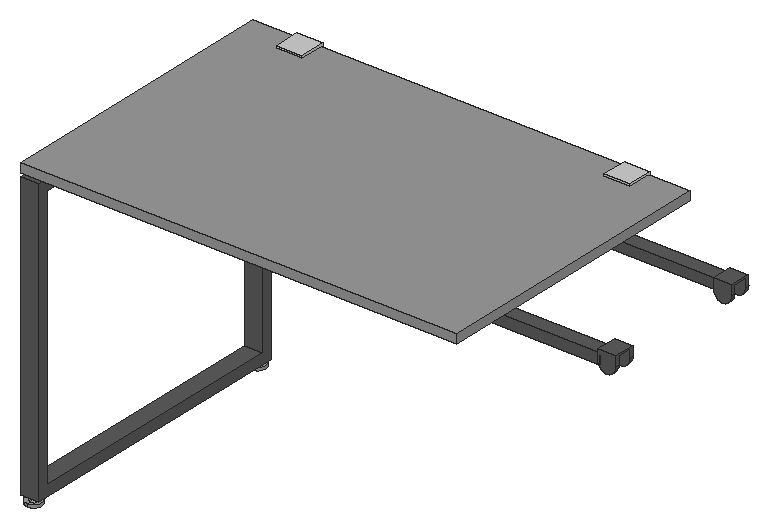
Revit family "Haworth_Tibas_Desk_ReturnExtension_EU_PRELIMINARY", category Furniture, Revit 2019
Family settings
  OmniClass Number = 23.40.70.14.64.11
  OmniClass Title = Office Furniture
  Work Plane-Based = No
  Always vertical = Yes
  Cut with Voids When Loaded = No
  Shared = No
  Room Calculation Point = No
Parameters (values of type "120 x 80")
  Warranty = "http://www.haworth.com/resources/product-info/warranties"
  U Shape Cable Outlet = yes
  U-Leg Frame [instance] = no
  Type Comments = ""
  URL = "https://www.haworth.com/eu/en.html"
  Trim Finish = Haworth _ Polymer _ Undecided
  Top Finish [instance] = Haworth _ Laminate _ Undecided _ Tables
  Small = not(Large)  # no
  Size = "Verify Final Dim.w/ Haworth"  # constant formula
  Round Cable Outlet = no
  Revision Number = "1"  # constant formula
  Product URL = "https://www.haworth.com/eu/en/products/office-desks/tibas.html"
  O-Leg Frame [instance] = yes
  No Accessory Kit = not(or(Accessory Kit, Flip Top Cable Outlet, Round Cable Outlet))  # no
  Model = "TIREXXXX"  # constant formula
  Manufacturer = "Haworth"  # constant formula
  Leg Height = Actual Height - 3.5 cm  # 80.0025 cm
  Large = yes
  Horizontal Cable Tray Wire Single = yes
  Horizontal Cable Tray Single = not(or(No Accessory Kit, Horizontal Cable Tray Wire Single))  # no
  Flip Top Cable Outlet = no
  Extension Width = Actual Width + 30 cm  # 150 cm
  Epure Cable Outlet = no
  Description = "Haworth - Tibas - Desk - Return Extension"  # constant formula
  Cable Tray Width = Actual Width - 20 cm  # 100 cm
  Cable Tray Finish = Haworth _ Paint _ Metallic Silver
  Base Finish [instance] = Haworth _ Paint _ Black
  Author = "Haworth (Abd Rahman)"  # constant formula
  Assembly Code = "E2020200"
  Actual Width = 120 cm
  Actual Height = 83.5025 cm
  Actual Depth = if(Small, 60 cm, 80 cm)  # 80 cm
  Accessory Kit = and(or(Epure Cable Outlet, Flip Top Cable Outlet, Round Cable Outlet, U Shape Cable Outlet))  # yes
  A-Leg Frame [instance] = no
Reference planes (cm)
  plane 1 "Center F/B": y = 17.4526
  plane 2: z = 0
  plane 3 "Center L/R": x = 11.43
  plane 4 "Top": z = 83.5025
  plane 5 "Left": x = -48.57
  plane 6 "Right": x = 71.43
  plane 7 "Back": y = 57.4526
  plane 8 "Front": y = -22.5474
  plane 9: y = 37.4526
  plane 10: y = -2.5474
  plane 11: z = 81.0025
  plane 12: z = 80.0025
Dimensions and locks (cm)
  "Actual Height": plane 4 "Top" to level
  equal spacing: plane 7 "Back", plane 1 "Center F/B", plane 8 "Front"
  "Actual Depth": plane 7 "Back" to plane 8 "Front"
  equal spacing: plane 5 "Left", plane 3 "Center L/R", plane 6 "Right"
  "Actual Width": plane 5 "Left" to plane 6 "Right"
  equal spacing: plane 7 "Back", plane 9, plane 1 "Center F/B"
  equal spacing: plane 1 "Center F/B", plane 10, plane 8 "Front"
  plane 4 "Top" to plane 11 to plane 12 = 2.5 cm locked, 1 cm locked
  aligned and locked: plane 1 "Center F/B" to nested 4
  aligned and locked: plane 1 "Center F/B" to nested 1
  aligned and locked: nested 1 to plane 5 "Left"
  aligned and locked: plane 1 "Center F/B" to nested 3
  aligned and locked: nested 3 to plane 5 "Left"
  aligned and locked: nested 5 to plane 5 "Left"
  aligned and locked: plane 11 to nested 5
  aligned and locked: plane 5 "Left" to nested 2
  aligned and locked: nested 2 to plane 11
  aligned and locked: nested 5 to plane 10
  aligned and locked: plane 4 "Top" to nested 6
  aligned and locked: plane 9 to nested 2
  aligned and locked: plane 3 "Center L/R" to nested 6
  aligned and locked: plane 1 "Center F/B" to nested 6
  aligned and locked: plane 3 "Center L/R" to nested 7
  aligned and locked: plane 1 "Center F/B" to nested 7
  aligned and locked: plane 3 "Center L/R" to nested 8
  aligned and locked: plane 1 "Center F/B" to nested 8
  aligned and locked: nested 4 to plane 5 "Left"
  aligned and locked: plane 11 to nested 8
Nested families (cm)
  nested 1: "Haworth_Tibas_Base_Ashape-Leg_PART" at (-30.3841, 46.6626, 0), Leg Finish <- "Base Finish", visible <- "A-Leg Frame", type "A Shaped - Leg Frame - PART L"
    with Leg Finish Haworth _ Paint _ Black, Actual Height 80.0025 cm, Actual Depth 80 cm
  nested 2: "Haworth_Tibas_Understructure_Beam-Leg_PART" at (-61.7559, 8.2426, 11.3025) x (-1, 0, 0) z (0, 0, 1), Leg Finish <- "Base Finish", type "Beam - Understructure - PART"
    with Leg Finish Haworth _ Paint _ Black, Structure no, Return Extension yes, Actual Width 150 cm
  nested 3: "Haworth_Tibas_Base_O-Leg_PART" at (-30.3841, 46.6626, 0), visible <- "O-Leg Frame", Leg Finish <- "Base Finish", type "O-Leg Frame - PART L"
    with Leg Finish Haworth _ Paint _ Black, Actual Height 80.0025 cm, Actual Depth 80 cm
  nested 4: "Haworth_Tibas_Base_U-Leg_PART" at (-30.3841, 46.6626, 0), visible <- "U-Leg Frame", Leg Finish <- "Base Finish", type "U-Leg Frame - PART L"
    with Leg Finish Haworth _ Paint _ Black, Actual Height 80.0025 cm, Actual Depth 80 cm
  nested 5: "Haworth_Tibas_Understructure_Beam-Leg_PART" at (-61.7559, 26.6626, 11.3025) x (-1, 0, 0) z (0, 0, 1), Leg Finish <- "Base Finish", type "Beam - Understructure - PART"
    with Leg Finish Haworth _ Paint _ Black, Structure no, Return Extension yes, Actual Width 150 cm
  nested 6: "Haworth_Tibas_Top_Rectangular-PART" at (27.1159, 46.6626, -2), Top Finish <- "Top Finish", type "Rectangular Top"
    with Top Finish Haworth _ Laminate _ Undecided _ Tables, Void Depth 95 cm, U-Shape Cable Outlet yes, Epure Cable Outlet no, Actual Width 120 cm
  nested 7: "Haworth_Tibas_CableManagement_HorizontalCableTraySingle_PART" at (27.1159, 46.6626, 36.4025), Cable Tray Finish <- "Cable Tray Finish", visible <- "Horizontal Cable Tray Single", type "Horizontal Cable Tray Single"
    with Cable Tray Finish Haworth _ Paint _ Metallic Silver, Actual Width 100 cm
  nested 8: "Haworth_Tibas_CableManagement_HorizontalCableTraySingleWire_PART" at (-9.3736, 29.8212, 4.0612), visible <- "Horizontal Cable Tray Wire Single", Cable Tray Finish <- "Cable Tray Finish", type "Wire Basket"
    with Cable Tray Finish Haworth _ Paint _ Metallic Silver, Actual Width 80 cm, 200cm no, 180cm no, 160cm no, 140cm no, 120cm no, 100cm no
Definition of nested family "Haworth_Tibas_Base_Ashape-Leg_PART"
  Parameters (values of type "A Shaped - Leg Frame - PART L")
    Warranty = "http://www.haworth.com/resources/product-info/warranties"
    URL - Product = "https://www.haworth.com/eu/products/tables/desks/tibas"
    URL = "https://www.haworth.com/ap/en.html"
    Size = "Verify Final Dim. w/ Haworth"  # constant formula
    Revision Number = "1"  # constant formula
    Model = "Haworth - Tibas"  # constant formula
    Manufacturer = "Haworth"  # constant formula
    Leg Finish [instance] = none
    Glide Finish = none
    Description = "Haworth - Tibas - PART"  # constant formula
    Author = "Haworth (Abd Rahman)"  # constant formula
    Assembly Code = "E2020200"
    Actual Width = 5 cm  # constant formula
    Actual Height = 70.5 cm
    Actual Depth = 60 cm
  Types (2): name
    A Shaped - Leg Frame - PART L
    A Shaped - Leg Frame - PART R
  Reference planes (cm)
    plane 1: z = 0
    plane 2 "Center L/R": x = -15.6859
    plane 3 "Center F/B": y = -29.21
    plane 4 "Top": z = 70.5
    plane 5: z = 1.5979
    plane 6: z = 67.5
    plane 7: x = -18.1859
    plane 8: x = -13.1859
    plane 9: y = 0.79
    plane 10: y = -59.21
    plane 11: y = -0.71
    plane 12: y = 1.5061
    plane 13: y = -57.71
    plane 14: y = -59.9261
    plane 15: z = 4.5979
    plane 16: y = -12.21
    plane 17: y = -56.21
    plane 18: y = -43.5253
    plane 19: y = -45.9259
    plane 20: y = -45.9259
    plane 21: y = -1.9288
    plane 22: y = -14.6134
    plane 23: y = -12.2129
  Forms (cm)
    Extrusion 1, solid, material <- "Leg Finish"
      sketch origin (-15.6859, 0, 0) x (0, 1, 0) y (0, 0, 1)
        loop
          line (-45.9259, 70.5) -> (-45.9259, 67.5) -> (-12.21, 67.5) -> (-12.21, 70.5) -> (-45.9259, 70.5)
      from -2.5 to 2.5
    Revolve 2, solid
      sketch origin (-15.6859, 1.79, 0) x (0, 1, 0) y (0, 0, 1)
        loop
          line (-2.5, 1.5979) -> (-2.5, 0) -> (-0.2839, 0) -> (-0.2839, 0.6) -> (-1.5146, 0.6) -> (-2, 1.0854) -> (-2, 1.5979) -> (-2.5, 1.5979)
        axis (-2.5, 1.5979) -> (-2.5, 0)
      angle from 0 to 360
    Revolve 3, solid
      sketch origin (-15.6859, -60.21, 0) x (0, -1, 0) y (0, 0, 1)
        loop
          line (-2.5, 1.5979) -> (-2.5, 0) -> (-0.2839, 0) -> (-0.2839, 0.6) -> (-1.5146, 0.6) -> (-2, 1.0854) -> (-2, 1.5979) -> (-2.5, 1.5979)
        axis (-2.5, 1.5979) -> (-2.5, 0)
      angle from 0 to 360
    Blend 4, solid, material <- "Leg Finish"
      base sketch origin (0, 0, 0) x (1, 0, 0) y (0, 1, 0)
        loop
          line (-18.1859, -56.21) -> (-18.1859, -59.21) -> (-13.1859, -59.21) -> (-13.1859, -56.21) -> (-18.1859, -56.21)
      top sketch origin (0, 0, 0) x (1, 0, 0) y (0, 1, 0)
        loop
          line (-18.1859, -43.5253) -> (-18.1859, -45.9259) -> (-13.1859, -45.9259) -> (-13.1859, -43.5253) -> (-18.1859, -43.5253)
      from 1.5979 to 70.5
    Blend 5, solid, material <- "Leg Finish"
      base sketch origin (0, -58.1388, 0) x (1, 0, 0) y (0, 1, 0)
        loop
          line (-18.1859, 56.21) -> (-13.1859, 56.21) -> (-13.1859, 59.21) -> (-18.1859, 59.21) -> (-18.1859, 56.21)
      top sketch origin (0, -58.1388, 0) x (1, 0, 0) y (0, 1, 0)
        loop
          line (-18.1859, 43.5253) -> (-13.1859, 43.5253) -> (-13.1859, 45.9259) -> (-18.1859, 45.9259) -> (-18.1859, 43.5253)
      from 1.5979 to 70.5
  Lines and regions (cm)
    Masking region 1
      outline origin (0, 0, 0) x (1, 0, 0) y (0, 1, 0)
        loop
          line (-18.1859, 0.79) -> (-18.1859, -59.21) -> (-13.1859, -59.21) -> (-13.1859, 0.79) -> (-18.1859, 0.79)
    Masking region 2
      outline origin (0, 0, 0) x (1, 0, 0) y (0, 1, 0)
        loop
          line (-18.1859, 0.79) -> (-18.1859, -59.21) -> (-13.1859, -59.21) -> (-13.1859, 0.79) -> (-18.1859, 0.79)
  Dimensions and locks (cm)
    "Actual Height": plane 4 "Top" to plane 1
    equal spacing: plane 9, plane 3 "Center F/B", plane 10
    "Actual Depth": plane 9 to plane 10
    equal spacing: plane 7, plane 2 "Center L/R", plane 8
    "Actual Width": plane 7 to plane 8
    "Actual Height": plane 4 "Top" to level
    locked: plane 6 to plane 4 "Top" at 3
    locked: plane 5 to level at 1.5979
    plane 11 to plane 9 to plane 12 = 1.5 cm locked, 0.7161 cm locked
    plane 14 to plane 10 to plane 13 = 0.7161 cm locked, 1.5 cm locked
    locked: plane 15 to plane 5 at 3
    locked: plane 16 to plane 9 at 13
    locked: plane 17 to plane 10 at 3
    locked: plane 10 to plane 20 at 13.2841
    plane 21 to plane 9 = 2.7187 cm
    plane 22 to plane 23 to plane 9 = 2.4006 cm locked, 13.0029 cm locked
    plane 18 to plane 19 to plane 10 = 2.4006 cm locked, 13.2841 cm locked
    aligned and locked: Extrusion 1 sketch curve to plane 4 "Top"
    aligned and locked: Extrusion 1 sketch curve to plane 6
    aligned and locked: plane 8 to Masking region 1 sketch curve
    aligned and locked: Masking region 1 sketch curve to plane 9
    aligned and locked: Masking region 1 sketch curve to plane 7
    aligned and locked: Masking region 1 sketch curve to plane 10
    aligned and locked: Revolve 2 sketch curve to plane 11  (x2)
    aligned and locked: plane 12 to Revolve 2 sketch curve
    aligned and locked: plane 13 to Revolve 3 sketch curve  (x2)
    aligned and locked: Revolve 3 sketch curve to plane 14
    aligned and locked: Revolve 3 sketch curve to plane 5
    aligned and locked: Revolve 3 sketch curve to plane 1
    aligned and locked: plane 5 to Revolve 2 sketch curve
    aligned and locked: plane 1 to Revolve 2 sketch curve
    aligned and locked: Blend 4 sketch curve to plane 10
    aligned and locked: Blend 4 sketch curve to plane 17
    aligned and locked: plane 8 to Blend 4 sketch curve  (x2)
    aligned and locked: Blend 4 sketch curve to plane 7  (x2)
    aligned and locked: plane 4 "Top" to Blend 4
    aligned and locked: Blend 4 to plane 5
    aligned and locked: Blend 5 sketch curve to plane 21
    aligned and locked: Blend 5 sketch curve to plane 22
    aligned and locked: Blend 5 sketch curve to plane 23
    aligned and locked: Blend 4 sketch curve to plane 18
    aligned and locked: plane 19 to Blend 4 sketch curve
    aligned and locked: plane 8 to Masking region 2 sketch curve
    aligned and locked: Masking region 2 sketch curve to plane 9
    aligned and locked: Masking region 2 sketch curve to plane 7
    aligned and locked: Masking region 2 sketch curve to plane 10
    aligned and locked: plane 4 "Top" to Blend 5
  Automatic sketch dimensions
    Extrusion 1 sketch curve to plane 20 = 0 cm
    Extrusion 1 sketch curve to plane 16 = 0 cm
    Revolve 2 sketch curve to level = 0 cm
    Revolve 2 sketch curve to plane 5 = 0 cm
    Revolve 2 sketch curve to Revolve 2 sketch curve = 0.5 cm
    Revolve 2 sketch curve to plane 9 = 0.5146 cm
    Revolve 2 sketch curve to Revolve 2 sketch curve = 0.6 cm
    Revolve 2 sketch curve to Revolve 2 sketch curve = 0.5126 cm
    Revolve 3 sketch curve to level = 0 cm
    Revolve 3 sketch curve to plane 5 = 0 cm
    Revolve 3 sketch curve to Revolve 3 sketch curve = 0.5 cm
    plane 10 to Revolve 3 sketch curve = 0.5146 cm
    Revolve 3 sketch curve to Revolve 3 sketch curve = 0.6 cm
    plane 5 to Revolve 3 sketch curve = 0.5126 cm
    Blend 5 sketch curve to plane 7 = 0 cm  (x2)
    Blend 5 sketch curve to plane 8 = 0 cm  (x2)
    Blend 5 sketch curve to plane 9 = 0.2812 cm
Definition of nested family "Haworth_Tibas_Understructure_Beam-Leg_PART"
  Parameters (values of type "Beam - Understructure - PART")
    Warranty = "http://www.haworth.com/resources/product-info/warranties"
    URL - Product = "https://www.haworth.com/eu/products/tables/desks/tibas"
    URL = "https://www.haworth.com/ap/en.html"
    Structure = yes
    Size = "Verify Final Dim. w/ Haworth"  # constant formula
    Revision Number = "1"  # constant formula
    Return Extension = no
    Model = "Haworth - Tibas"  # constant formula
    Manufacturer = "Haworth"  # constant formula
    Leg Finish [instance] = none
    Description = "Haworth - Tibas - PART"  # constant formula
    Connector Width [instance] = 5.49 cm
    Author = "Haworth (Abd Rahman)"  # constant formula
    Assembly Code = "E2020200"
    Actual Width = 100 cm
    Actual Height = 68 cm
    Actual Depth = 7 cm  # constant formula
  Reference planes (cm)
    plane 1: z = 0
    plane 2 "Center L/R": x = -15.6859
    plane 3 "Center F/B": y = -29.21
    plane 4 "Top": z = 68
    plane 5: z = 65
    plane 6: x = -18.1859
    plane 7: x = -13.1859
    plane 8: y = -25.71
    plane 9: y = -32.71
    plane 10: z = 69.7
    plane 11: z = 68.7
    plane 12: z = 65.8979
    plane 13: x = -17.7854
    plane 14: x = -18.6759
    plane 15: x = -113.1859
    plane 16: x = -63.1859
    plane 17 "Center F/E": x = -110.6859
    plane 18: x = -108.1859
    plane 19: x = -108.5864
    plane 20: x = -107.6959
    plane 21: y = -27.71
    plane 22: y = -31.71
    plane 23: y = -26.25
    plane 24: y = -27.08
    plane 25: y = -31.1
    plane 26: y = -31.93
    plane 27: z = 64.27
    plane 28: z = 69.25
  Forms (cm)
    Extrusion 1, solid, material <- "Leg Finish"
      sketch origin (0, -29.21, 0) x (1, 0, 0) y (0, 0, 1)
        loop
          line (-18.6759, 65) -> (-13.1859, 65) -> (-13.1859, 65.6842) -> (-17.7854, 65.6842) -> (-17.7854, 68.7) -> (-13.1859, 68.7) -> (-13.1859, 69.7) -> (-18.6759, 69.7) -> (-18.6759, 65)
      from -2.71 to 3.29
    Extrusion 2, solid, material <- "Leg Finish"
      sketch origin (0, 0, 0) x (1, 0, 0) y (0, 1, 0)
        loop
          line (-17.7854, -31.71) -> (-17.7854, -27.71) -> (-108.5864, -27.71) -> (-108.5864, -31.71) -> (-17.7854, -31.71)
      from 65.8979 to 68.7
    Extrusion 3, solid, material <- "Leg Finish", visible <- "Structure"
      sketch origin (-86.3718, -29.21, 0) x (-1, 0, 0) y (0, 0, -1)
        loop
          line (21.3241, -65) -> (21.3241, -69.7) -> (26.8141, -69.7) -> (26.8141, -68.7) -> (22.2146, -68.7) -> (22.2146, -65.6842) -> (26.8141, -65.6842) -> (26.8141, -65) -> (21.3241, -65)
      from -2.71 to 3.29
    Extrusion 4, solid, material <- "Leg Finish", visible <- "Return Extension"
      sketch origin (-15.6859, 0, 0) x (0, 1, 0) y (0, 0, 1)
        loop
          line (-31.93, 64.27) -> (-31.1, 64.27) -> (-31.1, 69.25) -> (-27.08, 69.25) -> (-27.08, 64.27) -> (-26.25, 64.27) -> (-26.25, 69.7) -> (-31.93, 69.7) -> (-31.93, 64.27)
      from -97.5 to -92.5
    Extrusion 5, void
      sketch origin (0.0625, -29.21, 0.25) x (1, 0, 0) y (0, 0, 1)
        loop
          arc (-108.2484, 66.67) -> (-110.7484, 64.17) -> (-113.2484, 66.67) r 2.5
          line (-113.2484, 66.67) -> (-114.083, 66.67) -> (-114.083, 62.67) -> (-107.2888, 62.67) -> (-107.2888, 66.67) -> (-108.2484, 66.67)
      from -9.5046 to 7.2704
  Cuts and joins
    Extrusion 5 cuts Extrusion 4
  Lines and regions (cm)
    Masking region 1
      outline origin (0, 0, 0) x (1, 0, 0) y (0, 1, 0)
        loop
          line (-107.6959, -27.71) -> (-107.6959, -26.25) -> (-113.1859, -26.25) -> (-113.1859, -32.5) -> (-107.6959, -32.5) -> (-107.6959, -31.71) -> (-18.6759, -31.71) -> (-18.6759, -32.5) -> (-13.1859, -32.5) -> (-13.1859, -26.5) -> (-18.6759, -26.5) -> (-18.6759, -27.71) -> (-107.6959, -27.71)
  Dimensions and locks (cm)
    "Actual Height": plane 4 "Top" to plane 1
    equal spacing: plane 8, plane 3 "Center F/B", plane 9
    "Actual Depth": plane 8 to plane 9
    equal spacing: plane 6, plane 2 "Center L/R", plane 7
    "Actual Height": plane 4 "Top" to level
    locked: plane 5 to plane 4 "Top" at 3
    Extrusion 1 sketch curve to Extrusion 2 = 1 cm
    equal spacing: plane 15, plane 16, plane 7
    plane 15 to plane 7 = 100 cm
    plane 14 to plane 6 to plane 13 to plane 2 "Center L/R" to plane 7 = 0.49 cm locked, 0.4005 cm locked, 2.0995 cm locked, 2.5 cm locked
    plane 15 to plane 16 to plane 7 = 50 cm, 50 cm
    "Connector Width": plane 14 to plane 7
    "Actual Width": plane 15 to plane 7
    plane 18 to plane 17 "Center F/E" = 2.5 cm
    plane 20 to plane 18 to plane 19 to plane 17 "Center F/E" to plane 15 = 0.49 cm locked, 0.4005 cm locked, 2.0995 cm locked, 2.5 cm locked
    locked: plane 8 to plane 21 at 2
    locked: plane 22 to plane 9 at 1
    plane 8 to plane 23 to plane 24 = 0.54 cm locked, 0.83 cm locked
    plane 25 to plane 26 to plane 9 = 0.83 cm locked, 0.78 cm locked
    locked: plane 28 to plane 10 at 0.45
    locked: plane 27 to plane 5 at 0.73
    aligned and locked: Extrusion 2 to plane 11
    aligned and locked: Extrusion 2 to plane 12
    aligned and locked: Extrusion 2 to plane 13
    aligned and locked: plane 11 to Extrusion 1
    aligned and locked: Extrusion 1 to plane 13
    aligned and locked: Extrusion 1 to plane 7  (x2)
    aligned and locked: plane 5 to Extrusion 1
    aligned and locked: Extrusion 1 to plane 10
    aligned and locked: plane 14 to Extrusion 1
    aligned and locked: plane 10 to Extrusion 3
    aligned and locked: plane 15 to Extrusion 3  (x2)
    aligned and locked: Extrusion 3 to plane 20
    aligned and locked: plane 5 to Extrusion 3
    aligned and locked: Extrusion 3 to plane 11
    aligned and locked: Extrusion 3 to plane 19
    aligned and locked: Extrusion 2 sketch curve to plane 21
    aligned and locked: plane 22 to Extrusion 2 sketch curve
    aligned and locked: plane 13 to Extrusion 2 sketch curve
    aligned and locked: plane 19 to Extrusion 2 sketch curve
    aligned and locked: plane 10 to Extrusion 4 sketch curve
    aligned and locked: Extrusion 4 sketch curve to plane 23
    aligned and locked: Extrusion 4 sketch curve to plane 24
    aligned and locked: Extrusion 4 sketch curve to plane 25
    aligned and locked: Extrusion 4 sketch curve to plane 26
    aligned and locked: plane 28 to Extrusion 4 sketch curve
    aligned and locked: Extrusion 4 sketch curve to plane 27
    aligned and locked: plane 27 to Extrusion 4 sketch curve
    aligned and locked: plane 15 to cut or joined group of Extrusion 4, Extrusion 5
    aligned and locked: plane 18 to cut or joined group of Extrusion 4, Extrusion 5
    aligned and locked: plane 17 "Center F/E" to Extrusion 5 sketch curve
    aligned and locked: plane 7 to Masking region 1 sketch curve
    aligned and locked: Masking region 1 sketch curve to plane 14
  Automatic sketch dimensions
    plane 14 to Extrusion 1 sketch curve = 0 cm
    plane 13 to Extrusion 1 sketch curve = 0 cm
    plane 7 to Extrusion 1 sketch curve = 0 cm  (x2)
    Extrusion 1 sketch curve to plane 5 = 0 cm
    Extrusion 1 sketch curve to plane 11 = 0 cm
    plane 12 to Extrusion 1 sketch curve = 0.2138 cm
    Extrusion 3 sketch curve to plane 10 = 0 cm
    Extrusion 3 sketch curve to plane 20 = 0 cm
    plane 19 to Extrusion 3 sketch curve = 0 cm
    plane 15 to Extrusion 3 sketch curve = 0 cm  (x2)
    Extrusion 3 sketch curve to plane 5 = 0 cm
    Extrusion 3 sketch curve to plane 11 = 0 cm
    Extrusion 3 sketch curve to plane 12 = 0.2138 cm
    plane 15 to Extrusion 5 sketch curve = 0 cm
    plane 15 to Extrusion 5 sketch curve = 0.8346 cm
    plane 20 to Extrusion 5 sketch curve = 0.4696 cm
    plane 5 to Extrusion 5 sketch curve = 2.08 cm
    Extrusion 5 sketch curve to plane 12 = 1.0221 cm
    Masking region 1 sketch curve to plane 15 = 0 cm
    Masking region 1 sketch curve to plane 20 = 0 cm  (x2)
    Masking region 1 sketch curve to plane 14 = 0 cm
    Masking region 1 sketch curve to plane 9 = 0.21 cm  (x2)
    Masking region 1 sketch curve to Masking region 1 sketch curve = 0.79 cm
    Masking region 1 sketch curve to plane 3 "Center F/B" = 1.5 cm
    Masking region 1 sketch curve to plane 8 = 0.79 cm
    Masking region 1 sketch curve to plane 8 = 0.54 cm
Definition of nested family "Haworth_Tibas_Base_O-Leg_PART"
  Parameters (values of type "O-Leg Frame - PART")
    Warranty = "http://www.haworth.com/resources/product-info/warranties"
    URL - Product = "https://www.haworth.com/eu/products/tables/desks/tibas"
    URL = "https://www.haworth.com/ap/en.html"
    Size = "Verify Final Dim. w/ Haworth"  # constant formula
    Revision Number = "1"  # constant formula
    Model = "Haworth - Tibas"  # constant formula
    Manufacturer = "Haworth"  # constant formula
    Leg Finish [instance] = none
    Glide Finish = none
    Description = "Haworth - Tibas - PART"  # constant formula
    Author = "Haworth (Abd Rahman)"  # constant formula
    Assembly Code = "E2020200"
    Actual Width = 5 cm  # constant formula
    Actual Height = 45 cm
    Actual Depth = 70 cm
  Reference planes (cm)
    plane 1: z = 0
    plane 2 "Center L/R": x = -15.6859
    plane 3 "Center F/B": y = -29.21
    plane 4 "Top": z = 45
    plane 5: z = 1.5979
    plane 6: z = 42
    plane 7: x = -18.1859
    plane 8: x = -13.1859
    plane 9: y = 5.79
    plane 10: y = -64.21
    plane 11: y = 2.79
    plane 12: y = -61.21
    plane 13: y = 4.29
    plane 14: y = 6.5061
    plane 15: y = -62.71
    plane 16: y = -64.9261
    plane 17: z = 4.5979
  Forms (cm)
    Extrusion 1, solid, material <- "Leg Finish"
      sketch origin (0, -29.21, 0) x (1, 0, 0) y (0, 0, 1)
        loop
          line (-18.1859, 45) -> (-18.1859, 1.5979) -> (-13.1859, 1.5979) -> (-13.1859, 45) -> (-18.1859, 45)
      from -35 to -32
    Extrusion 2, solid, material <- "Leg Finish"
      sketch origin (0, -29.21, 0) x (1, 0, 0) y (0, 0, -1)
        loop
          line (-18.1859, -45) -> (-13.1859, -45) -> (-13.1859, -1.5979) -> (-18.1859, -1.5979) -> (-18.1859, -45)
      from -35 to -32
    Extrusion 3, solid, material <- "Leg Finish"
      sketch origin (-15.6859, 0, 0) x (0, 1, 0) y (0, 0, 1)
        loop
          line (-61.21, 45) -> (-61.21, 42) -> (2.79, 42) -> (2.79, 45) -> (-61.21, 45)
      from -2.5 to 2.5
    Revolve 4, solid, material <- "Glide Finish"
      sketch origin (-15.6859, 1.79, 0) x (0, 1, 0) y (0, 0, 1)
        loop
          line (2.5, 1.5979) -> (2.5, 0) -> (4.7161, 0) -> (4.7161, 0.6) -> (3.4854, 0.6) -> (3, 1.0854) -> (3, 1.5979) -> (2.5, 1.5979)
        axis (2.5, 1.5979) -> (2.5, 0)
      angle from 0 to 360
    Revolve 5, solid, material <- "Glide Finish"
      sketch origin (-15.6859, -60.21, 0) x (0, -1, 0) y (0, 0, 1)
        loop
          line (2.5, 1.5979) -> (2.5, 0) -> (4.7161, 0) -> (4.7161, 0.6) -> (3.4854, 0.6) -> (3, 1.0854) -> (3, 1.5979) -> (2.5, 1.5979)
        axis (2.5, 1.5979) -> (2.5, 0)
      angle from 0 to 360
    Extrusion 6, solid, material <- "Leg Finish"
      sketch origin (-15.6859, 0, 0) x (0, 1, 0) y (0, 0, 1)
        loop
          line (-61.21, 4.5979) -> (-61.21, 1.5979) -> (2.79, 1.5979) -> (2.79, 4.5979) -> (-61.21, 4.5979)
      from -2.5 to 2.5
  Cuts and joins
    joined: Extrusion 1, Extrusion 2, Extrusion 3, Extrusion 6
  Lines and regions (cm)
    Masking region 1
      outline origin (0, 0, 0) x (1, 0, 0) y (0, 1, 0)
        loop
          line (-18.1859, 5.79) -> (-18.1859, -64.21) -> (-13.1859, -64.21) -> (-13.1859, 5.79) -> (-18.1859, 5.79)
  Dimensions and locks (cm)
    "Actual Height": plane 4 "Top" to plane 1
    equal spacing: plane 9, plane 3 "Center F/B", plane 10
    "Actual Depth": plane 9 to plane 10
    equal spacing: plane 7, plane 2 "Center L/R", plane 8
    "Actual Width": plane 7 to plane 8
    locked: plane 9 to plane 11 at 3
    locked: plane 10 to plane 12 at 3
    "Actual Height": plane 4 "Top" to level
    locked: plane 6 to plane 4 "Top" at 3
    locked: plane 5 to level at 1.5979
    plane 13 to plane 9 to plane 14 = 1.5 cm locked, 0.7161 cm locked
    plane 16 to plane 10 to plane 15 = 0.7161 cm locked, 1.5 cm locked
    locked: plane 17 to plane 5 at 3
    aligned and locked: Extrusion 1 sketch curve to plane 7
    aligned and locked: plane 8 to Extrusion 1 sketch curve
    aligned and locked: plane 5 to Extrusion 1 sketch curve
    aligned and locked: Extrusion 1 sketch curve to plane 4 "Top"
    aligned and locked: plane 9 to Extrusion 1
    aligned and locked: Extrusion 1 to plane 11
    aligned and locked: plane 7 to Extrusion 2
    aligned and locked: Extrusion 2 to plane 8
    aligned and locked: Extrusion 2 to plane 12
    aligned and locked: plane 10 to Extrusion 2
    aligned and locked: plane 4 "Top" to Extrusion 2
    aligned and locked: Extrusion 2 to plane 5
    aligned and locked: Extrusion 3 sketch curve to plane 11
    aligned and locked: Extrusion 3 sketch curve to plane 4 "Top"
    aligned and locked: Extrusion 3 sketch curve to plane 12
    aligned and locked: Extrusion 3 sketch curve to plane 6
    aligned and locked: plane 7 to Extrusion 3
    aligned and locked: Extrusion 3 to plane 8
    aligned and locked: plane 8 to Masking region 1 sketch curve
    aligned and locked: Masking region 1 sketch curve to plane 9
    aligned and locked: Masking region 1 sketch curve to plane 7
    aligned and locked: Masking region 1 sketch curve to plane 10
    aligned and locked: Revolve 4 sketch curve to plane 13  (x2)
    aligned and locked: plane 14 to Revolve 4 sketch curve
    aligned and locked: plane 15 to Revolve 5 sketch curve  (x2)
    aligned and locked: Revolve 5 sketch curve to plane 16
    aligned and locked: Revolve 5 sketch curve to plane 5
    aligned and locked: plane 1 to Revolve 5 sketch curve
    aligned and locked: plane 5 to Revolve 4 sketch curve
    aligned and locked: plane 1 to Revolve 4 sketch curve
    aligned and locked: Extrusion 6 sketch curve to plane 17
    aligned and locked: plane 5 to Extrusion 6 sketch curve
    aligned and locked: Extrusion 6 sketch curve to plane 12
    aligned and locked: Extrusion 6 sketch curve to plane 11
    aligned and locked: Extrusion 6 to plane 8
    aligned and locked: plane 7 to Extrusion 6
  Automatic sketch dimensions
    Extrusion 2 sketch curve to plane 5 = 0 cm
    plane 7 to Extrusion 2 sketch curve = 0 cm
    plane 8 to Extrusion 2 sketch curve = 0 cm
    Extrusion 2 sketch curve to plane 4 "Top" = 0 cm
    level to Revolve 4 sketch curve = 0 cm
    plane 5 to Revolve 4 sketch curve = 0 cm
    plane 13 to Revolve 4 sketch curve = 0.5 cm
    Revolve 4 sketch curve to plane 9 = 0.5146 cm
    Revolve 4 sketch curve to Revolve 4 sketch curve = 0.6 cm
    Revolve 4 sketch curve to plane 5 = 0.5126 cm
    Revolve 5 sketch curve to level = 0 cm
    Revolve 5 sketch curve to plane 5 = 0 cm
    Revolve 5 sketch curve to plane 15 = 0.5 cm
    plane 10 to Revolve 5 sketch curve = 0.5146 cm
    Revolve 5 sketch curve to Revolve 5 sketch curve = 0.6 cm
    plane 5 to Revolve 5 sketch curve = 0.5126 cm
Definition of nested family "Haworth_Tibas_Base_U-Leg_PART"
  Parameters (values of type "U-Leg Frame - PART")
    Warranty = "http://www.haworth.com/resources/product-info/warranties"
    URL - Product = "https://www.haworth.com/eu/products/tables/desks/tibas"
    URL = "https://www.haworth.com/ap/en.html"
    Size = "Verify Final Dim. w/ Haworth"  # constant formula
    Revision Number = "1"  # constant formula
    Model = "Haworth - Tibas"  # constant formula
    Manufacturer = "Haworth"  # constant formula
    Leg Finish [instance] = none
    Glide Finish = none
    Description = "Haworth - Tibas - Complete Frame - PART"  # constant formula
    Author = "Haworth (Abd Rahman)"  # constant formula
    Assembly Code = "E2020200"
    Actual Width = 5 cm  # constant formula
    Actual Height = 45 cm
    Actual Depth = 40 cm
  Reference planes (cm)
    plane 1: z = 0
    plane 2 "Center L/R": x = -15.6859
    plane 3 "Center F/B": y = -29.21
    plane 4 "Top": z = 45
    plane 5: z = 1.5979
    plane 6: z = 42
    plane 7: x = -18.1859
    plane 8: x = -13.1859
    plane 9: y = -9.21
    plane 10: y = -49.21
    plane 11: y = -12.21
    plane 12: y = -46.21
    plane 13: y = -10.71
    plane 14: y = -8.4939
    plane 15: y = -47.71
    plane 16: y = -49.9261
  Forms (cm)
    Extrusion 1, solid, material <- "Leg Finish"
      sketch origin (0, -29.21, 0) x (1, 0, 0) y (0, 0, 1)
        loop
          line (-18.1859, 45) -> (-18.1859, 1.5979) -> (-13.1859, 1.5979) -> (-13.1859, 45) -> (-18.1859, 45)
      from -20 to -17
    Extrusion 2, solid, material <- "Leg Finish"
      sketch origin (0, -29.21, 0) x (1, 0, 0) y (0, 0, -1)
        loop
          line (-18.1859, -45) -> (-13.1859, -45) -> (-13.1859, -1.5979) -> (-18.1859, -1.5979) -> (-18.1859, -45)
      from -20 to -17
    Extrusion 3, solid, material <- "Leg Finish"
      sketch origin (-15.6859, 0, 0) x (0, 1, 0) y (0, 0, 1)
        loop
          line (-46.21, 45) -> (-46.21, 42) -> (-12.21, 42) -> (-12.21, 45) -> (-46.21, 45)
      from -2.5 to 2.5
    Revolve 4, solid, material <- "Glide Finish"
      sketch origin (-15.6859, 1.79, 0) x (0, 1, 0) y (0, 0, 1)
        loop
          line (-12.5, 1.5979) -> (-12.5, 0) -> (-10.2839, 0) -> (-10.2839, 0.6) -> (-11.5146, 0.6) -> (-12, 1.0854) -> (-12, 1.5979) -> (-12.5, 1.5979)
        axis (-12.5, 1.5979) -> (-12.5, 0)
      angle from 0 to 360
    Revolve 5, solid, material <- "Glide Finish"
      sketch origin (-15.6859, -60.21, 0) x (0, -1, 0) y (0, 0, 1)
        loop
          line (-12.5, 1.5979) -> (-12.5, 0) -> (-10.2839, 0) -> (-10.2839, 0.6) -> (-11.5146, 0.6) -> (-12, 1.0854) -> (-12, 1.5979) -> (-12.5, 1.5979)
        axis (-12.5, 1.5979) -> (-12.5, 0)
      angle from 0 to 360
  Cuts and joins
    joined: Extrusion 1, Extrusion 2, Extrusion 3
  Lines and regions (cm)
    Masking region 1
      outline origin (0, 0, 0) x (1, 0, 0) y (0, 1, 0)
        loop
          line (-18.1859, -9.21) -> (-18.1859, -49.21) -> (-13.1859, -49.21) -> (-13.1859, -9.21) -> (-18.1859, -9.21)
  Dimensions and locks (cm)
    "Actual Height": plane 4 "Top" to plane 1
    equal spacing: plane 9, plane 3 "Center F/B", plane 10
    "Actual Depth": plane 9 to plane 10
    equal spacing: plane 7, plane 2 "Center L/R", plane 8
    "Actual Width": plane 7 to plane 8
    locked: plane 9 to plane 11 at 3
    locked: plane 10 to plane 12 at 3
    "Actual Height": plane 4 "Top" to level
    locked: plane 6 to plane 4 "Top" at 3
    locked: plane 5 to level at 1.5979
    plane 13 to plane 9 to plane 14 = 1.5 cm locked, 0.7161 cm locked
    plane 16 to plane 10 to plane 15 = 0.7161 cm locked, 1.5 cm locked
    aligned and locked: Extrusion 1 sketch curve to plane 7
    aligned and locked: plane 8 to Extrusion 1 sketch curve
    aligned and locked: plane 5 to Extrusion 1 sketch curve
    aligned and locked: Extrusion 1 sketch curve to plane 4 "Top"
    aligned and locked: plane 9 to Extrusion 1
    aligned and locked: Extrusion 1 to plane 11
    aligned and locked: plane 7 to Extrusion 2
    aligned and locked: Extrusion 2 to plane 8
    aligned and locked: Extrusion 2 to plane 12
    aligned and locked: plane 10 to Extrusion 2
    aligned and locked: plane 4 "Top" to Extrusion 2
    aligned and locked: Extrusion 2 to plane 5
    aligned and locked: Extrusion 3 sketch curve to plane 11
    aligned and locked: Extrusion 3 sketch curve to plane 4 "Top"
    aligned and locked: Extrusion 3 sketch curve to plane 12
    aligned and locked: Extrusion 3 sketch curve to plane 6
    aligned and locked: plane 7 to Extrusion 3
    aligned and locked: Extrusion 3 to plane 8
    aligned and locked: plane 8 to Masking region 1 sketch curve
    aligned and locked: Masking region 1 sketch curve to plane 9
    aligned and locked: Masking region 1 sketch curve to plane 7
    aligned and locked: Masking region 1 sketch curve to plane 10
    aligned and locked: Revolve 4 sketch curve to plane 13  (x2)
    aligned and locked: plane 14 to Revolve 4 sketch curve
    aligned and locked: plane 15 to Revolve 5 sketch curve  (x2)
    aligned and locked: Revolve 5 sketch curve to plane 16
    aligned and locked: Revolve 5 sketch curve to plane 5
    aligned and locked: Revolve 5 sketch curve to plane 1
    aligned and locked: plane 5 to Revolve 4 sketch curve
    aligned and locked: plane 1 to Revolve 4 sketch curve
  Automatic sketch dimensions
    Extrusion 2 sketch curve to plane 5 = 0 cm
    plane 7 to Extrusion 2 sketch curve = 0 cm
    plane 8 to Extrusion 2 sketch curve = 0 cm
    Extrusion 2 sketch curve to plane 4 "Top" = 0 cm
    level to Revolve 4 sketch curve = 0 cm
    plane 5 to Revolve 4 sketch curve = 0 cm
    plane 13 to Revolve 4 sketch curve = 0.5 cm
    Revolve 4 sketch curve to plane 9 = 0.5146 cm
    Revolve 4 sketch curve to Revolve 4 sketch curve = 0.6 cm
    Revolve 4 sketch curve to plane 5 = 0.5126 cm
    Revolve 5 sketch curve to level = 0 cm
    Revolve 5 sketch curve to plane 5 = 0 cm
    Revolve 5 sketch curve to plane 15 = 0.5 cm
    plane 10 to Revolve 5 sketch curve = 0.5146 cm
    Revolve 5 sketch curve to Revolve 5 sketch curve = 0.6 cm
    plane 5 to Revolve 5 sketch curve = 0.5126 cm
Definition of nested family "Haworth_Tibas_Top_Rectangular-PART"
  Parameters (values of type "Rectangular Top")
    Warranty = "http://www.haworth.com/resources/product-info/warranties"
    Void Depth = if(Epure Cable Outlet, 0 cm, Actual Depth + 15 cm)  # 0 cm
    URL - Product = ""
    URL = "https://www.haworth.com/eu/en.html"
    U-Shape Cable Outlet = no
    Trim Finish = none
    Top Finish [instance] = none
    Thickness = 2.5 cm  # constant formula
    Size = "Verify Final Dim. w/ Haworth"  # constant formula
    Round Cable Outlet = no
    Revision Number = "1"  # constant formula
    Model = "Haworth - Tibas"  # constant formula
    Manufacturer = "Haworth"  # constant formula
    Flip Top Cable Outlet = no
    Epure Cable Outlet = yes
    Description = "Haworth - Tibas"  # constant formula
    Author = "Haworth (Abd Rahman)"  # constant formula
    Assembly Code = "E2020200"
    Actual Width = 150 cm
    Actual Mounting Height = 83.5025 cm
    Actual Depth = 80 cm
  Reference planes (cm)
    plane 1: z = -0.5
    plane 2 "Center L/R": x = -15.6859
    plane 3 "Center F/B": y = -29.21
    plane 4 "Top of top": z = 85.5025
    plane 5 "Back": y = 10.79
    plane 6 "Front": y = -69.21
    plane 7 "Left": x = -90.6859
    plane 8 "Right": x = 59.3141
    plane 9 "Bottom of top": z = 83.0025
    plane 10: y = 2.79
    plane 11: x = -75.6859
    plane 12: x = 44.3141
    plane 13: y = 10.79
    plane 14: y = 10.79
    plane 15: y = 10.79
    plane 16: y = 10.79
  Forms (cm)
    Extrusion 1, solid, material <- "Top Finish"
      sketch origin (0, 0, 0) x (1, 0, 0) y (0, 1, 0)
        loop
          line (-90.6859, 10.79) -> (-90.6859, -69.21) -> (59.3141, -69.21) -> (59.3141, 10.79) -> (-90.6859, 10.79)
      from 83.0025 to 85.5025
    Extrusion 2, void
      sketch origin (0, 0, 0) x (1, 0, 0) y (0, 1, 0)
        loop
          circle (-75.6859, 10.79) r 4
        loop
          circle (44.3141, 10.79) r 4
      from -47.9092 to 135.8317
  Cuts and joins
    Extrusion 2 cuts Extrusion 1
  Lines and regions (cm)
    Masking region 1
      outline origin (0, 0, 0) x (1, 0, 0) y (0, 1, 0)
        loop
          line (-90.6859, 10.79) -> (-90.6859, -69.21) -> (59.3141, -69.21) -> (59.3141, 10.79) -> (-90.6859, 10.79)
  Dimensions and locks (cm)
    equal spacing: plane 5 "Back", plane 3 "Center F/B", plane 6 "Front"
    "Actual Depth": plane 5 "Back" to plane 6 "Front"
    equal spacing: plane 7 "Left", plane 2 "Center L/R", plane 8 "Right"
    "Actual Width": plane 7 "Left" to plane 8 "Right"
    "Thickness": plane 4 "Top of top" to plane 9 "Bottom of top"
    "Actual Mounting Height": plane 9 "Bottom of top" to plane 1
    locked: plane 5 "Back" to plane 10 at 8
    plane 7 "Left" to plane 11 = 15 cm
    locked: plane 8 "Right" to plane 12 at 15
    "Void Depth": plane 13 to plane 14
    "Void Depth": plane 15 to plane 16
    aligned and locked: plane 8 "Right" to Extrusion 1 sketch curve
    aligned and locked: plane 7 "Left" to Extrusion 1 sketch curve
    aligned and locked: plane 6 "Front" to Extrusion 1 sketch curve
    aligned and locked: Extrusion 1 sketch curve to plane 5 "Back"
    aligned and locked: plane 4 "Top of top" to Extrusion 1
    aligned and locked: Extrusion 1 to plane 9 "Bottom of top"
    aligned and locked: plane 8 "Right" to Masking region 1 sketch curve
    aligned and locked: Masking region 1 sketch curve to plane 5 "Back"
    aligned and locked: plane 7 "Left" to Masking region 1 sketch curve
    aligned and locked: plane 6 "Front" to Masking region 1 sketch curve
    aligned and locked: nested 1 to plane 4 "Top of top"
    aligned and locked: plane 12 to nested 1
    aligned and locked: plane 10 to nested 1
    aligned and locked: nested 2 to plane 11
    aligned and locked: nested 2 to plane 10
    aligned and locked: nested 3 to plane 11
    aligned and locked: nested 3 to plane 5 "Back"
    aligned and locked: nested 3 to plane 4 "Top of top"
    aligned and locked: plane 12 to nested 4
    aligned and locked: plane 5 "Back" to nested 4
    aligned and locked: plane 4 "Top of top" to nested 4
    aligned and locked: plane 2 "Center L/R" to nested 5
    aligned and locked: plane 10 to nested 5
    aligned and locked: nested 5 to plane 4 "Top of top"
    aligned and locked: plane 11 to Extrusion 2 sketch curve
    aligned and locked: plane 4 "Top of top" to nested 2
    aligned and locked: plane 13 to plane 5 "Back"
    aligned and locked: plane 12 to Extrusion 2 sketch curve
    aligned and locked: plane 15 to plane 5 "Back"
    aligned and locked: Extrusion 2 sketch curve to plane 16
    aligned and locked: plane 14 to Extrusion 2 sketch curve
  Automatic sketch dimensions
    radius of Extrusion 2 sketch curve = 4 cm  (x2)
  Nested families (cm)
    nested 1: "Haworth_Grommet-PART" at (28.6282, 32, 33.2793) x (-1, 0, 0) z (0, 0, 1), visible <- "Round Cable Outlet", type "Cable Outlet"
      with Vertical no, Horizontal yes
    nested 2: "Haworth_Grommet-PART" at (-60, 32, 33.2793), visible <- "Round Cable Outlet", type "Cable Outlet"
      with Vertical no, Horizontal yes
    nested 3: "Haworth_CableOutlet_U-Shape_PART" at (-60, 37.2731, 29.7793), visible <- "U-Shape Cable Outlet", type "Cable Outlet"
    nested 4: "Haworth_CableOutlet_U-Shape_PART" at (28.6282, 37.2731, 29.7793) x (-1, 0, 0) z (0, 0, 1), visible <- "U-Shape Cable Outlet", type "Cable Outlet"
    nested 5: "Haworth-Flip Top" at (-17.1347, -2.8433, 5.5025), visible <- "Flip Top Cable Outlet", type "Flip Top - Visio"
      with Actual Width 20 cm, Actual Depth 11 cm
  Definition of nested family "Haworth_Grommet-PART"
    Parameters (values of type "Cable Outlet")
      Warranty = "http://www.haworth.com/resources/product-info/warranties"
      Vertical = yes
      URL = "www.haworth.com"
      Trim Finish = none
      Size = "Verify Final Dim. w/ Haworth"  # constant formula
      Revision Number = "1"  # constant formula
      Model = "X742"  # constant formula
      Manufacturer = "Haworth"  # constant formula
      Horizontal = no
      Description = "Haworth - Cable Outlet - 25mm"  # constant formula
      Author = "Haworth (Abd Rahman)"  # constant formula
      Assembly Code = "E2020200"
      Actual Width = 9 cm  # constant formula
      Actual Height = 0.2 cm  # constant formula
      Actual Depth = 9 cm  # constant formula
    Reference planes (cm)
      plane 1: z = 52.2232
      plane 2 "Center L/R": x = -15.6859
      plane 3 "Center F/B": y = -29.21
      plane 4 "Top": z = 52.4232
      plane 5 "Back": y = -24.71
      plane 6 "Front": y = -33.71
      plane 7 "Right": x = -11.1859
      plane 8 "Left": x = -20.1859
      plane 9: x = -15.505
    Forms (cm)
      Revolve 1, solid, material <- "Trim Finish", visible <- "Vertical"
        sketch origin (-67.9273, -29.21, 36.6305) x (0, 0, 1) y (1, 0, 0)
          loop
            line (15.6859, 52.4223) -> (11.5684, 52.4223)
            arc (11.5684, 52.4223) -> (11.398, 52.3576) -> (11.2576, 52.2414) r 0.557
            line (11.2576, 52.2414) -> (15.6859, 52.2414) -> (15.6859, 52.4223)
          axis (15.6859, 52.4223) -> (15.6859, 52.2414)
        angle from 0 to 360
      Extrusion 2, void
        sketch origin (-67.9273, 0.0749, 36.6305) x (0, 0, -1) y (0, 1, 0)
          loop
            line (-17.5569, -26.0506) -> (-17.3333, -28.1782)
            arc (-17.3333, -28.1782) -> (-17.1796, -28.323) -> (-16.9822, -28.2479) r 0.1989
            arc (-16.9822, -28.2479) -> (-16.9186, -28.1652) -> (-16.8471, -28.0891) r 1.0616
            arc (-16.8471, -28.0891) -> (-16.3186, -27.7135) -> (-15.6859, -27.5721) r 1.6402
            arc (-15.6859, -27.5721) -> (-15.1781, -27.6415) -> (-14.7164, -27.8643) r 1.6402
            arc (-14.7164, -27.8643) -> (-14.5025, -27.8909) -> (-14.3853, -27.7099) r 0.203
            line (-14.3853, -27.7099) -> (-14.1679, -25.8137)
            arc (-14.1679, -25.8137) -> (-15.8906, -25.5293) -> (-17.5569, -26.0506) r 3.7744
        from 0 to 71.12
      Revolve 3, solid, material <- "Trim Finish", visible <- "Horizontal"
        sketch origin (-0.0331, -29.3081, 0.0151) x (-1, 0, 0) y (0, 0, 1)
          loop
            line (15.6859, 52.408) -> (11.5287, 52.408)
            arc (11.5287, 52.408) -> (11.3569, 52.3343) -> (11.219, 52.208) r 0.5592
            line (11.219, 52.208) -> (15.6859, 52.208) -> (15.6859, 52.408)
          axis (15.6859, 52.408) -> (15.6859, 52.208)
        angle from 0 to 360
      Extrusion 4, void
        sketch origin (-0.0331, -0.0232, 0.0151) x (1, 0, 0) y (0, 1, 0)
          loop
            line (-17.5569, -26.0506) -> (-17.3333, -28.1782)
            arc (-17.3333, -28.1782) -> (-17.1796, -28.323) -> (-16.9822, -28.2479) r 0.1989
            arc (-16.9822, -28.2479) -> (-16.9186, -28.1652) -> (-16.8471, -28.0891) r 1.0616
            arc (-16.8471, -28.0891) -> (-16.3186, -27.7135) -> (-15.6859, -27.5721) r 1.6402
            arc (-15.6859, -27.5721) -> (-15.1781, -27.6415) -> (-14.7164, -27.8643) r 1.6402
            arc (-14.7164, -27.8643) -> (-14.5025, -27.8909) -> (-14.3853, -27.7099) r 0.203
            line (-14.3853, -27.7099) -> (-14.1679, -25.8137)
            arc (-14.1679, -25.8137) -> (-15.8906, -25.5293) -> (-17.5569, -26.0506) r 3.7744
        from 0 to 71.12
    Cuts and joins
      Extrusion 2 cuts Revolve 1
      Extrusion 4 cuts Revolve 3
    Lines and regions (cm)
      Masking region 1
        outline origin (0, 0, 0) x (1, 0, 0) y (0, 1, 0)
          loop
            circle (-15.6859, -29.2849) r 4.4363
          loop
            circle (-15.6859, -29.2849) r 4.0899
          loop
            line (-14.3853, -27.7099) -> (-14.1679, -25.8137)
            arc (-14.1679, -25.8137) -> (-15.8906, -25.5293) -> (-17.5569, -26.0506) r 3.7744
            line (-17.5569, -26.0506) -> (-17.3333, -28.1782)
            arc (-17.3333, -28.1782) -> (-17.1796, -28.323) -> (-16.9822, -28.2479) r 0.1989
            arc (-16.9822, -28.2479) -> (-16.9186, -28.1652) -> (-16.8471, -28.0891) r 1.0616
            arc (-16.8471, -28.0891) -> (-16.3186, -27.7135) -> (-15.6859, -27.5721) r 1.6402
            arc (-15.6859, -27.5721) -> (-15.1781, -27.6415) -> (-14.7164, -27.8643) r 1.6402
            arc (-14.7164, -27.8643) -> (-14.5025, -27.8909) -> (-14.3853, -27.7099) r 0.203
    Dimensions and locks (cm)
      equal spacing: plane 8 "Left", plane 2 "Center L/R", plane 7 "Right"
      "Actual Width": plane 8 "Left" to plane 7 "Right"
      equal spacing: plane 5 "Back", plane 3 "Center F/B", plane 6 "Front"
      "Actual Depth": plane 5 "Back" to plane 6 "Front"
      "Actual Height": plane 4 "Top" to plane 1
      aligned and locked: plane 3 "Center F/B" to cut or joined group of Revolve 1, Extrusion 2  (x2)
      aligned and locked: cut or joined group of Revolve 3, Extrusion 4 to plane 4 "Top"
      aligned and locked: cut or joined group of Revolve 3, Extrusion 4 to plane 1
      aligned and locked: cut or joined group of Revolve 1, Extrusion 2 to plane 2 "Center L/R"
      aligned and locked: plane 9 to cut or joined group of Revolve 1, Extrusion 2
    Automatic sketch dimensions
      Revolve 1 sketch curve to plane 1 = 4.335 cm
      Revolve 1 sketch curve to Revolve 1 sketch curve = 0.3107 cm
      Revolve 1 sketch curve to Revolve 1 sketch curve = 0.1099 cm
      Revolve 1 sketch curve to Revolve 1 sketch curve = 4.0077 cm
      Revolve 1 sketch curve to plane 7 "Right" = 4.8651 cm
      Revolve 1 sketch curve to Revolve 1 sketch curve = 0.3651 cm
      Revolve 1 sketch curve to Revolve 1 sketch curve = 0 cm  (x2)
      Revolve 1 sketch curve to Revolve 1 sketch curve = 0.0195 cm
      Extrusion 2 sketch curve to Extrusion 2 sketch curve = 0 cm  (x2)
      plane 1 to Extrusion 2 sketch curve = 1.9643 cm
      Extrusion 2 sketch curve to Extrusion 2 sketch curve = 0.4161 cm
      Extrusion 2 sketch curve to Extrusion 2 sketch curve = 1.0307 cm
      Extrusion 2 sketch curve to Extrusion 2 sketch curve = 0.4587 cm
      Extrusion 2 sketch curve to Extrusion 2 sketch curve = 0.0242 cm
      Extrusion 2 sketch curve to Extrusion 2 sketch curve = 1.0632 cm
      Extrusion 2 sketch curve to Extrusion 2 sketch curve = 0.203 cm
      Extrusion 2 sketch curve to Extrusion 2 sketch curve = 0.2174 cm
      Extrusion 2 sketch curve to plane 5 "Back" = 4.5096 cm
      Extrusion 2 sketch curve to Extrusion 2 sketch curve = 0.0825 cm
      Extrusion 2 sketch curve to Extrusion 2 sketch curve = 0.3588 cm
      Extrusion 2 sketch curve to Extrusion 2 sketch curve = 0.7253 cm
      Extrusion 2 sketch curve to Extrusion 2 sketch curve = 1.502 cm
      Extrusion 2 sketch curve to Extrusion 2 sketch curve = 0.0031 cm
      Extrusion 2 sketch curve to Extrusion 2 sketch curve = 2.0772 cm
      Extrusion 2 sketch curve to Extrusion 2 sketch curve = 0.1925 cm
      Extrusion 2 sketch curve to Extrusion 2 sketch curve = 0.1586 cm
      Extrusion 2 sketch curve to Extrusion 2 sketch curve = 0.1352 cm
      Extrusion 2 sketch curve to Extrusion 2 sketch curve = 1.0976 cm
      Extrusion 2 sketch curve to Extrusion 2 sketch curve = 0.1281 cm
      Masking region 1 sketch curve to Masking region 1 sketch curve = 0 cm  (x4)
      Masking region 1 sketch curve to plane 2 "Center L/R" = 0 cm  (x2)
      Masking region 1 sketch curve to plane 2 "Center L/R" = 0.4242 cm
      Masking region 1 sketch curve to Masking region 1 sketch curve = 1.0307 cm
      Masking region 1 sketch curve to plane 3 "Center F/B" = 1.0318 cm
      Masking region 1 sketch curve to Masking region 1 sketch curve = 0.1925 cm
      Masking region 1 sketch curve to plane 2 "Center L/R" = 1.871 cm
      plane 3 "Center F/B" to Masking region 1 sketch curve = 0.002 cm
      plane 2 "Center L/R" to Masking region 1 sketch curve = 0.0345 cm
      plane 2 "Center L/R" to Masking region 1 sketch curve = 0.0586 cm
      plane 2 "Center L/R" to Masking region 1 sketch curve = 1.0976 cm
      Masking region 1 sketch curve to Masking region 1 sketch curve = 0.203 cm
      plane 2 "Center L/R" to Masking region 1 sketch curve = 1.518 cm
      plane 3 "Center F/B" to Masking region 1 sketch curve = 0.0749 cm
      Masking region 1 sketch curve to Masking region 1 sketch curve = 0.0096 cm
      Masking region 1 sketch curve to plane 3 "Center F/B" = 0.3569 cm
      Masking region 1 sketch curve to Masking region 1 sketch curve = 0.0504 cm
      Masking region 1 sketch curve to plane 3 "Center F/B" = 1.5001 cm
      Masking region 1 sketch curve to Masking region 1 sketch curve = 0.0031 cm
      Masking region 1 sketch curve to plane 5 "Back" = 1.3406 cm
      Masking region 1 sketch curve to Masking region 1 sketch curve = 0.2938 cm
      Masking region 1 sketch curve to Masking region 1 sketch curve = 0.1586 cm
      Revolve 3 sketch curve to plane 7 "Right" = 0.0663 cm
      Revolve 3 sketch curve to Revolve 3 sketch curve = 0.3096 cm
      Revolve 3 sketch curve to Revolve 3 sketch curve = 0.1316 cm
      Revolve 3 sketch curve to Revolve 3 sketch curve = 4.0256 cm
      Revolve 3 sketch curve to plane 4 "Top" = 0.5434 cm
      Revolve 3 sketch curve to Revolve 3 sketch curve = 0.3434 cm
      Revolve 3 sketch curve to Revolve 3 sketch curve = 0 cm
      Revolve 3 sketch curve to Revolve 3 sketch curve = 0.0151 cm  (x2)
      Extrusion 4 sketch curve to Extrusion 4 sketch curve = 0 cm  (x2)
      Extrusion 4 sketch curve to plane 7 "Right" = 6.4042 cm
      Extrusion 4 sketch curve to Extrusion 4 sketch curve = 0.4161 cm
      Extrusion 4 sketch curve to Extrusion 4 sketch curve = 1.0307 cm
      Extrusion 4 sketch curve to Extrusion 4 sketch curve = 0.4587 cm
      Extrusion 4 sketch curve to Extrusion 4 sketch curve = 0.0242 cm
      Extrusion 4 sketch curve to Extrusion 4 sketch curve = 1.0632 cm
      Extrusion 4 sketch curve to Extrusion 4 sketch curve = 0.203 cm
      Extrusion 4 sketch curve to Extrusion 4 sketch curve = 0.2174 cm
      Extrusion 4 sketch curve to plane 5 "Back" = 4.6077 cm
      Extrusion 4 sketch curve to Extrusion 4 sketch curve = 0.0825 cm
      Extrusion 4 sketch curve to Extrusion 4 sketch curve = 0.3588 cm
      Extrusion 4 sketch curve to Extrusion 4 sketch curve = 0.7253 cm
      Extrusion 4 sketch curve to Extrusion 4 sketch curve = 1.502 cm
      Extrusion 4 sketch curve to Extrusion 4 sketch curve = 0.0031 cm
      Extrusion 4 sketch curve to Extrusion 4 sketch curve = 2.0772 cm
      Extrusion 4 sketch curve to Extrusion 4 sketch curve = 0.1925 cm
      Extrusion 4 sketch curve to Extrusion 4 sketch curve = 0.1586 cm
      Extrusion 4 sketch curve to Extrusion 4 sketch curve = 0.1352 cm
      Extrusion 4 sketch curve to Extrusion 4 sketch curve = 1.0976 cm
      Extrusion 4 sketch curve to Extrusion 4 sketch curve = 0.1281 cm
      radius of Masking region 1 sketch curve = 4.4363 cm
      radius of Masking region 1 sketch curve = 4.0899 cm
  Definition of nested family "Haworth_CableOutlet_U-Shape_PART"
    Parameters (values of type "Cable Outlet")
      Warranty = "http://www.haworth.com/resources/product-info/warranties"
      URL = "www.haworth.com"
      Trim Finish = none
      Sustainability Info = "https://www.haworth.com/company-info/sustainability"
      Size = "Verify Final Dim. w/ Haworth"  # constant formula
      Revision Number = "1"  # constant formula
      Model = "X742"  # constant formula
      Manufacturer = "Haworth"  # constant formula
      Description = "Haworth - Cable Outlet - U - Shape"  # constant formula
      Author = "Haworth (Abd Rahman)"  # constant formula
      Assembly Code = "E2020200"
      Actual Width = 7 cm  # constant formula
      Actual Height = 4 cm  # constant formula
      Actual Depth = 7 cm  # constant formula
    Reference planes (cm)
      plane 1: z = 52.2232
      plane 2 "Center L/R": x = -15.6859
      plane 3 "Center F/B": y = -29.21
      plane 4 "Top": z = 56.2232
      plane 5 "Back": y = -25.71
      plane 6 "Front": y = -32.71
      plane 7 "Right": x = -12.1859
      plane 8 "Left": x = -19.1859
    Forms (cm)
      Extrusion 1, solid, material <- "Trim Finish"
        sketch origin (-12.1859, 0, 0) x (0, 1, 0) y (0, 0, 1)
          loop
            line (-32.71, 56.2232) -> (-32.71, 55.7232) -> (-26.4831, 55.7232) -> (-26.4831, 52.7232) -> (-32.71, 52.7232) -> (-32.71, 52.2232) -> (-25.71, 52.2232) -> (-25.71, 53.0231) -> (-25.71, 55.5734) -> (-25.71, 56.2232) -> (-32.71, 56.2232)
        from -7 to 0
    Lines and regions (cm)
      Masking region 1
        outline origin (0, 0, 0) x (1, 0, 0) y (0, 1, 0)
          loop
            line (-19.1859, -25.71) -> (-19.1859, -32.71) -> (-12.1859, -32.71) -> (-12.1859, -25.71) -> (-19.1859, -25.71)
    Dimensions and locks (cm)
      equal spacing: plane 8 "Left", plane 2 "Center L/R", plane 7 "Right"
      "Actual Width": plane 8 "Left" to plane 7 "Right"
      equal spacing: plane 5 "Back", plane 3 "Center F/B", plane 6 "Front"
      "Actual Depth": plane 5 "Back" to plane 6 "Front"
      "Actual Height": plane 4 "Top" to plane 1
      aligned and locked: Extrusion 1 to plane 8 "Left"
      aligned and locked: plane 7 "Right" to Extrusion 1
      aligned and locked: Masking region 1 sketch curve to plane 7 "Right"
      aligned and locked: Masking region 1 sketch curve to plane 5 "Back"
      aligned and locked: plane 8 "Left" to Masking region 1 sketch curve
      aligned and locked: plane 6 "Front" to Masking region 1 sketch curve
    Automatic sketch dimensions
      Extrusion 1 sketch curve to plane 4 "Top" = 0 cm
      Extrusion 1 sketch curve to plane 6 "Front" = 0 cm  (x2)
      Extrusion 1 sketch curve to plane 5 "Back" = 0 cm
      Extrusion 1 sketch curve to plane 1 = 0 cm
      Extrusion 1 sketch curve to Extrusion 1 sketch curve = 0.2999 cm
      Extrusion 1 sketch curve to Extrusion 1 sketch curve = 0.7731 cm
      Extrusion 1 sketch curve to plane 4 "Top" = 0.6498 cm
      Extrusion 1 sketch curve to plane 4 "Top" = 0.5 cm
      plane 1 to Extrusion 1 sketch curve = 0.7999 cm
  Definition of nested family "Haworth-Flip Top"
    Parameters (values of type "Flip Top - Visio")
      Warranty = ""
      URL - Product = ""
      URL = ""
      Sustainability Info = ""
      Size = "Verify Final Dim. w/ Haworth"  # constant formula
      Single Sided = no
      Single Sided Wide = yes
      Revision Number = ""
      OmniClass Number = ""
      Material Options = ""
      Manufacturer = "Haworth"  # constant formula
      LEED Data = ""
      Flip Top Height = 2.5 cm
      Flip Top Finish = none
      Double Sided = no
      Double Sided Wide = no
      Author = "SHAPE Environments, LLC"  # constant formula
      Assembly Code = ""
      Actual Width = 12 cm
      Actual Height = 80 cm
      Actual Depth = 8 cm
    Types (2, lengths in cm): name | Flip Top Height | Actual Width | Actual Height | Actual Depth
      Flip Top - Visio | 2.5 | 12 | 80 | 8
      Flip Top Cable Tray | 6.985 | 28.575 | 73.66 | 11.1125
    Reference planes (cm)
      plane 1 "Center F/B": y = 0.1333
      plane 2: z = 0
      plane 3 "Center L/R": x = 1.4487
      plane 4 "Back": y = 4.1333
      plane 5 "Right": x = 7.4487
      plane 6 "Front": y = -3.8667
      plane 7 "Left": x = -4.5513
      plane 8 "Table Height": z = 80
      plane 9: z = 77.5
    Forms (cm)
      Extrusion 1, solid, material <- "Flip Top Finish"
        sketch origin (0, 0, 80) x (-1, 0, 0) y (0, -1, 0)
          loop
            line (4.5513, -4.1333) -> (4.5513, 3.8667) -> (-7.4487, 3.8667) -> (-7.4487, -4.1333) -> (4.5513, -4.1333)
        from 0 to 0.3175
      Extrusion 2, solid, material <- "Flip Top Finish"
        sketch origin (0, 0, 80) x (-1, 0, 0) y (0, -1, 0)
          loop
            line (4.2338, -3.6571) -> (4.2338, 3.3904) -> (-7.1312, 3.3904) -> (-7.1312, -3.6571) -> (4.2338, -3.6571)
        from 0 to -2.5
    Cuts and joins
      joined: Extrusion 1, Extrusion 2
    Lines and regions (cm)
      symbolic lines
        curve 1: line (-4.5513, 4.1333, 80) -> (7.4487, 4.1333, 80)
        curve 2: line (-4.5513, -3.8667, 80) -> (-4.5513, 4.1333, 80)
        curve 3: line (7.4487, -3.8667, 80) -> (-4.5513, -3.8667, 80)
        curve 4: line (7.4487, 4.1333, 80) -> (7.4487, -3.8667, 80)
    Dimensions and locks (cm)
      equal spacing: plane 7 "Left", plane 3 "Center L/R", plane 5 "Right"
      "Actual Width": plane 7 "Left" to plane 5 "Right"
      equal spacing: plane 6 "Front", plane 1 "Center F/B", plane 4 "Back"
      "Actual Depth": plane 4 "Back" to plane 6 "Front"
      plane 7 "Left" to Extrusion 2 sketch curve = 0.3175 cm
      plane 4 "Back" to Extrusion 2 sketch curve = 0.4762 cm
      Extrusion 2 sketch curve to plane 5 "Right" = 0.3175 cm
      Extrusion 2 sketch curve to plane 6 "Front" = 0.4763 cm
      "Actual Height": plane 8 "Table Height" to level
      "Flip Top Height": plane 8 "Table Height" to plane 9
      aligned and locked: plane 7 "Left" to Extrusion 1 sketch curve
      aligned and locked: Extrusion 1 sketch curve to plane 4 "Back"
      aligned and locked: plane 6 "Front" to Extrusion 1 sketch curve
      aligned and locked: Extrusion 1 sketch curve to plane 5 "Right"
      aligned and locked: plane 9 to cut or joined group of Extrusion 1, Extrusion 2
    Automatic sketch dimensions
      curve 4 to plane 5 "Right" = 0 cm
      curve 2 to plane 4 "Back" = 0 cm
      curve 2 to plane 7 "Left" = 0 cm
      curve 4 to plane 6 "Front" = 0 cm
Definition of nested family "Haworth_Tibas_CableManagement_HorizontalCableTraySingle_PART"
  Parameters (values of type "Horizontal Cable Tray Single")
    Warranty = "http://www.haworth.com/resources/product-info/warranties"
    URL - Product = "https://www.haworth.com/eu/products/tables/desks/tibas"
    URL = "https://www.haworth.com/ap/en.html"
    Size = "Verify Final Dim. w/ Haworth"  # constant formula
    Revision Number = "1"  # constant formula
    Model = "Haworth - Tibas"  # constant formula
    Manufacturer = "Haworth"  # constant formula
    Description = "Haworth - Tibas - Horizontal Cable Tray Single - PART"  # constant formula
    Cable Tray Finish [instance] = none
    Author = "Haworth (Abd Rahman)"  # constant formula
    Assembly Code = "E2020200"
    Actual Width = 148 cm
    Actual Height = 45 cm
    Actual Depth = 20 cm  # constant formula
  Reference planes (cm)
    plane 1: z = 0
    plane 2 "Center L/R": x = -15.6859
    plane 3 "Center F/B": y = -29.21
    plane 4 "Top": z = 45
    plane 5: z = 35
    plane 6: x = -89.6859
    plane 7: x = 58.3141
    plane 8: y = -19.21
    plane 9: y = -39.21
    plane 10: x = 32.3641
    plane 11: x = -63.7359
    plane 12: x = -17.9359
    plane 13: x = -13.4359
    plane 14: x = -82.7859
    plane 15: x = 51.4141
  Forms (cm)
    Extrusion 1, solid, material <- "Cable Tray Finish"
      sketch origin (-15.6859, 0, 0) x (0, 1, 0) y (0, 0, 1)
        loop
          arc (-37.3642, 35.0342) -> (-37.3263, 35.0089) -> (-37.2816, 35) r 0.1168
          line (-37.2816, 35) -> (-23.4537, 35)
          arc (-23.4537, 35) -> (-23.3662, 35.0362) -> (-23.33, 35.1237) r 0.1237
          line (-23.33, 35.1237) -> (-23.33, 38.32) -> (-23.43, 38.32) -> (-23.43, 35.1) -> (-37.2886, 35.1) -> (-38.9273, 36.7387) -> (-38.3836, 36.2092) -> (-38.3129, 36.2799) -> (-38.8753, 36.8423)
          arc (-38.8753, 36.8423) -> (-39.0238, 36.8423) -> (-39.0238, 36.6938) r 0.105
          line (-39.0238, 36.6938) -> (-37.3642, 35.0342)
      from -74 to 74
